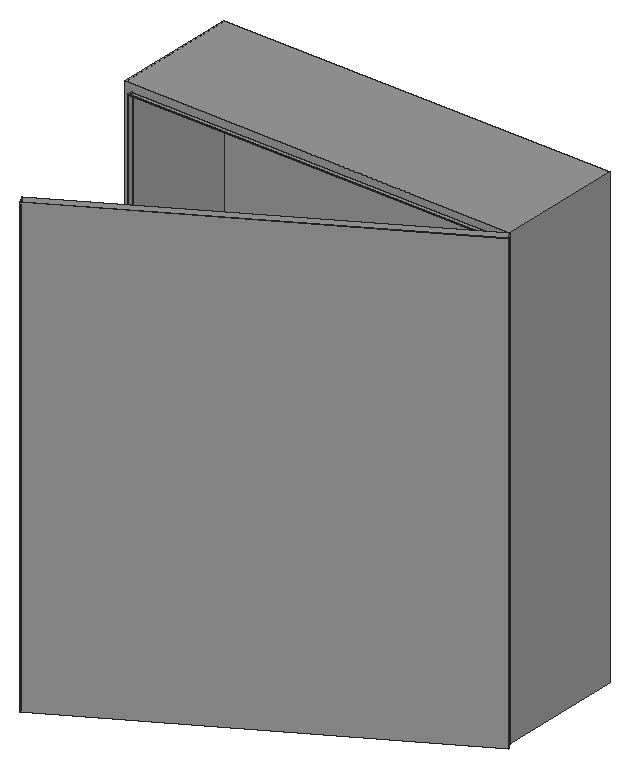
Revit family "Hager-Univers-IP55-D275-H950-Cl.II-Steel_encl-NoHosted-BE-fr", category Electrical Equipment, Revit 2020
Family settings
  Panel Configuration = Two Columns, Circuits Across
  Round Connector Dimension = Use Diameter
  Part Type = Panelboard
  Work Plane-Based = Yes
  Always vertical = Yes
  Cut with Voids When Loaded = No
  Shared = No
  Room Calculation Point = No
Parameters (values of type "saillie IP55 L800 H950 P275  - FR63S")
  Width Control [instance] = if([EF000008 - largeur] > Min Width, [EF000008 - largeur], Min Width)  # 800 mm
  Type Comments = [HG000003 - Gamme]  # "Univers"
  Thickness Door [instance] = if([EF009171 - épaisseur de matériau de la porte/du couvercle] > 3 mm, 3 mm, [EF009171 - épaisseur de matériau de la porte/du couvercle])  # 1.5 mm
  Seal Frame Offset [instance] = 17 mm  # constant formula
  Plinth Visibility [instance] = [HG000027 - Hauteur du socle] > 0 mm  # no
  Min Width [instance] = 100 mm  # constant formula
  Min Depth [instance] = (2 * [EF009170 - épaisseur de matériau du boîtier]) + 1 mm  # 4 mm
  Min Height [instance] = 100 mm  # constant formula
  Internal Frame Depth [instance] = (Door System Depth * 0.5)  # 9 mm
  Panel Name [instance] = ""  # (empty or 0)
  Model = ""
  HG000027 - Hauteur du socle = 0 mm
  HG000026 - Installation au sol = no
  HG000024 - Hauteur de la section basse = 600 mm
  HG000023 - Armoire double section = no
  HG000016 - Visibilité de la porte 3D [instance] = yes
  HG000015 - Visibilité de l'emprise de la porte [instance] = no
  HG000014 - Porte à droite [instance] = yes
  HG000013 - Porte à gauche [instance] = not([HG000014 - Porte à droite])  # no
  HG000012 - Angle de pivotement de la porte [instance] = 30.00°
  HG000010 - Portes asymétriques = no
  HG000009 - Porte à double battant = no
  HG000006 - Encastré = no
  HG000004 - Référence fabricant = "FR63S"
  HG000003 - Gamme = "Univers"
  HG000002 - avec porte = yes
  Frame Offset Bottom [instance] = 10 mm  # constant formula
  Frame Offset [instance] = 15 mm  # constant formula
  EF015940 - couvercle avec décharge de pression = no
  EF011959 - degré de protection (NEMA) = ""
  EF009554 - nombre d'ouvertures pour plaques à bride = 6
  EF009212 - finition du couvercle = "EV000116 - fermé"
  EF009171 - épaisseur de matériau de la porte/du couvercle = 1.5 mm
  EF009170 - épaisseur de matériau du boîtier = 1.5 mm
  EF008873 - courant nominal (In) = 800 A
  EF007800 - adapté à un parafoudre = no
  EF006306 - avec serrure = no
  EF006244 - couvercle/porte transparent(e) = no
  EF005474 - indice de protection (IP) = "EV006420 - IP55"
  EF004464 - type de porte = "EV002646 - unique"
  EF004427 - nombre de modules = 216
  EF004293 - indice de protection contre les chocs (IK) = "EV008784 - IK10"
  EF003532 - convient pour utilisation à l’extérieur = no
  EF002950 - largeur en nombre de modules = 24
  EF001613 - maintien de fonction = "EV000494 - sans"
  EF001596 - matériau du boîtier/corps = "EV000179 - acier"
  EF001131 - profondeur intérieure = 275 mm
  EF001088 - possibilité de montage en saillie = yes
  EF000437 - nombre d'entrées de conduit = 6
  EF000339 - type de capot = "EV004216 - porte"
  EF000266 - nombre de rangées = 6
  EF000218 - profondeur d'encastrement = 0 mm
  EF000118 - avec cadre/support de montage = no
  EF000116 - numéro RAL = "7035"
  EF000049 - profondeur = 275 mm
  EF000040 - hauteur = 950 mm
  EF000008 - largeur = 800 mm
  EF000007 - couleur = "EV000270 - gris"
  EF000003 - mode de pose = "EV000384 - saillie"
  Door System Leaf Tolerance [instance] = 1.5 mm  # constant formula
  Door System Depth [instance] = 18 mm  # constant formula
  Door Height [instance] = Height Control - [HG000027 - Hauteur du socle]  # 950 mm
  Description = ""
  Default Elevation = 1219.2 mm
  Connector Offset [instance] = Height Control / 2  # 475 mm
  Manufacturer = "Hager"  # constant formula
  Height Control [instance] = if([EF000040 - hauteur] > Min Height, [EF000040 - hauteur], Min Height)  # 950 mm
  Depth Control [instance] = if([EF000049 - profondeur] > Min Depth, [EF000049 - profondeur], Min Depth)  # 275 mm
  Bottom Top Plate Trim [instance] = 1.5 mm  # constant formula
  Plinth height Ctrl [instance] = if([HG000027 - Hauteur du socle] > 0 mm, [HG000027 - Hauteur du socle], 12 mm)  # 12 mm
Types (5, lengths in mm): name | Width Control | HG000010 - Portes asymétriques | HG000009 - Porte à double battant | HG000004 - Référence fabricant | EF009554 - nombre d'ouvertures pour plaques à bride | EF004464 - type de porte | EF004427 - nombre de modules | EF000437 - nombre d'entrées de conduit | EF000008 - largeur
  saillie IP55 L1050 H950 P275  - FR64S | 1050 | no | yes | "FR64S" | 8 | "EV003602 - double" | 288 | 8 | 1050
  saillie IP55 L1300 H950 P275  - FR65S | 1300 | yes | yes | "FR65S" | 10 | "EV003602 - double" | 360 | 10 | 1300
  saillie IP55 L300 H950 P275  - FR61S | 300 | no | no | "FR61S" | 2 | "EV002646 - unique" | 72 | 2 | 300
  saillie IP55 L550 H950 P275  - FR62S | 550 | no | no | "FR62S" | 4 | "EV002646 - unique" | 144 | 4 | 550
  saillie IP55 L800 H950 P275  - FR63S | 800 | no | no | "FR63S" | 6 | "EV002646 - unique" | 216 | 6 | 800
Reference planes
  plane 1 "Center (Front/Back)": y = 0
  plane 2: z = 0
  plane 3 "Center (Left/Right)": x = 0
  plane 4: y = 0
  plane 5: y = 0
  plane 6: z = 0
  plane 7: x = -400
  plane 8: x = 400
  plane 9: x = 398.5
  plane 10: x = -398.5
  plane 11: z = 0
  plane 12: z = 1.5
  plane 13: y = -275
  plane 14: y = -1.5
  plane 15: x = 0
  plane 16: y = -257
  plane 17: y = -273.5
  plane 18: y = -255.5
  plane 19: x = -383.5
  plane 20: x = 383.5
  plane 21: z = 11.5
  plane 22: x = -383
  plane 23: x = 383
  plane 24: z = 0
  plane 25: z = 950
  plane 26: z = 950
  plane 27: z = 933.5
  plane 28: z = 948.5
Forms (mm)
  Extrusion 1, solid, material "Hager_Steel_RAL7035_Light_Grey", detail levels medium+fine
    sketch origin (-208.679, -4572, 0) x (-1, 0, 0) y (0, -1, 0)
      loop
        line (191.321, -4315) -> (-608.679, -4315) -> (-608.679, -4572) -> (191.321, -4572) -> (191.321, -4315)
    from 0 to 950
  Extrusion 2, void
    sketch origin (-350.771, -275, 1219.2) x (1, 0, 0) y (0, 0, 1)
      loop
        line (-47.729, -270.7) -> (-47.729, -1217.7) -> (749.271, -1217.7) -> (749.271, -270.7) -> (-47.729, -270.7)
    from -19.5 to -273.5
  Extrusion 3, void
    sketch origin (-290.084, -257, 1219.2) x (1, 0, 0) y (0, 0, 1)
      loop
        line (-93.416, -1207.7) -> (673.584, -1207.7) -> (673.584, -285.7) -> (-93.416, -285.7) -> (-93.416, -1207.7)
    from 0 to -1.5
  Extrusion 4, solid, material "Hager_Steel_RAL7035_Light_Grey", visible <- "Plinth Visibility", detail levels medium+fine
    sketch origin (0, 0, 0) x (1, 0, 0) y (0, 1, 0)
      loop
        line (-400, 0) -> (-400, -257) -> (400, -257) -> (400, 0) -> (-400, 0)
    from 0 to 12 <- "Plinth height Ctrl"
  Extrusion 5, solid, material "Hager_Steel_RAL7035_Light_Grey", detail levels coarse
    sketch origin (0, 0, 0) x (1, 0, 0) y (0, 1, 0)
      loop
        line (-400, 0) -> (-400, -275) -> (400, -275) -> (400, 0) -> (-400, 0)
    from 0 to 950 <- "Height Control"
  Sweep 6, void
    path in 3D
      loop
        line (-400, -257, 12) -> (400, -257, 12) -> (400, 0, 12) -> (-400, 0, 12) -> (-400, -257, 12)
    profile origin (-400, -128.5, 12) x (1, 0, 0) y (0, 0, 1)
      loop
        line (0, 0) -> (0, -1.5) -> (1.5, -1.5)
        arc (1.5, -1.5) -> (1.061, -0.439) -> (0, 0) r 1.5
  Extrusion 7, solid, material "Hager_Steel_RAL7035_Light_Grey", detail levels fine
    sketch origin (-400, -257, 0) x (1, 0, 0) y (0, 0, 1)
      loop
        line (16.5, 11.5) -> (783.5, 11.5) -> (783.5, 933.5) -> (16.5, 933.5) -> (16.5, 11.5)
      loop
        line (15, 10) -> (785, 10) -> (785, 935) -> (15, 935) -> (15, 10)
    from 0 to 9 <- "Internal Frame Depth"
Cuts and joins
  Extrusion 2, Extrusion 3 cuts Extrusion 1
  Sweep 6 cuts Extrusion 4
Lines and regions (mm)
  Masking region 1
    outline origin (0, 0, 0) x (1, 0, 0) y (0, 1, 0)
      loop
        line (-400, 0) -> (-400, -275) -> (400, -275) -> (400, 0) -> (-400, 0)
  Masking region 2, detail levels coarse
    outline origin (-290.084, -257, 1219.2) x (-1, 0, 0) y (0, 0, 1)
      loop
        line (-690.084, -1219.2) -> (109.916, -1219.2) -> (109.916, -269.2) -> (-690.084, -269.2) -> (-690.084, -1219.2)
  Masking region 3, detail levels coarse
    outline origin (0, 0, 0) x (0, 1, 0) y (0, 0, 1)
      loop
        line (0, 0) -> (0, 950) -> (-275, 950) -> (-275, 0) -> (0, 0)
  Masking region 4, visible <- "Plinth Visibility", detail levels medium+fine
    outline origin (0, 0, 0) x (0, 1, 0) y (0, 0, 1)
      loop
        line (-1.5, 12) -> (-255.5, 12)
        arc (-255.5, 12) -> (-255.939, 10.939) -> (-257, 10.5) r 1.5
        line (-257, 10.5) -> (-257, 0) -> (0, 0) -> (0, 10.5)
        arc (0, 10.5) -> (-1.061, 10.939) -> (-1.5, 12) r 1.5
  Masking region 5, detail levels medium+fine
    outline origin (0, 0, 594.038) x (0, 1, 0) y (0, 0, 1)
      loop
        line (0, -594.038) -> (0, 355.962) -> (-257, 355.962) -> (-257, -594.038) -> (0, -594.038)
  Masking region 6, detail levels medium+fine
    outline origin (-359.7, -257, 1211.883) x (-1, 0, 0) y (0, 0, 1)
      loop
        line (-759.7, -1211.883) -> (40.3, -1211.883) -> (40.3, -261.883) -> (-759.7, -261.883) -> (-759.7, -1211.883)
  Masking region 7, visible <- "Plinth Visibility", detail levels medium+fine
    outline origin (-320.334, -257, 1041.368) x (-1, 0, 0) y (0, 0, 1)
      loop
        line (-720.334, -1041.368) -> (79.666, -1041.368) -> (79.666, -1030.868)
        arc (79.666, -1030.868) -> (78.606, -1030.429) -> (78.166, -1029.368) r 1.5
        line (78.166, -1029.368) -> (-718.834, -1029.368)
        arc (-718.834, -1029.368) -> (-719.273, -1030.429) -> (-720.334, -1030.868) r 1.5
        line (-720.334, -1030.868) -> (-720.334, -1041.368)
  sketch lines
    curve 1: line (-400, 0, 12) -> (-400, -257, 12)
    curve 2: line (-400, -257, 12) -> (400, -257, 12)
    curve 3: line (400, 0, 12) -> (-400, 0, 12)
    curve 4: line (400, -257, 12) -> (400, 0, 12)
Dimensions and locks
  locked: plane 1 "Center (Front/Back)" to plane 5
  "EF009170 - épaisseur de matériau du boîtier": plane 7 to plane 10
  "EF009170 - épaisseur de matériau du boîtier": plane 8 to plane 9
  equal spacing: plane 7, plane 3 "Center (Left/Right)", plane 8
  "Width Control": plane 7 to plane 8
  "Depth Control": plane 4 to plane 13
  "EF009170 - épaisseur de matériau du boîtier": plane 4 to plane 14
  "Height Control": plane 25 to level
  "HG000027 - Hauteur du socle": plane 11 to level
  "EF009170 - épaisseur de matériau du boîtier": plane 12 to plane 11
  "EF009170 - épaisseur de matériau du boîtier": plane 17 to plane 13
  "EF009170 - épaisseur de matériau du boîtier": plane 18 to plane 16
  "Frame Offset Bottom": plane 21 to plane 12
  "Frame Offset": plane 10 to plane 19
  "Frame Offset": plane 9 to plane 20
  "Door System Depth": plane 16 to plane 13
  "Seal Frame Offset": plane 7 to plane 22
  "Seal Frame Offset": plane 8 to plane 23
  "EF009170 - épaisseur de matériau du boîtier": plane 26 to plane 28
  "Frame Offset": plane 28 to plane 27
  "Connector Offset": plane 2 to connector elem
  "Bottom Top Plate Trim": profile plane to Sweep 6 sketch curve
  "Bottom Top Plate Trim": Sweep 6 sketch curve to Sweep 6 sketch curve
  "Plinth height Ctrl": Masking region 4 sketch curve to level
  "Plinth height Ctrl": Masking region 7 sketch curve to level
  "Thickness Door": Extrusion 7 sketch curve to Extrusion 7 sketch curve  (x4)
  "Bottom Top Plate Trim": radius of Sweep 6 sketch curve
  "Bottom Top Plate Trim": radius of Masking region 4 sketch curve  (x2)
  "Bottom Top Plate Trim": radius of Masking region 7 sketch curve  (x2)
  aligned and locked: Extrusion 2 sketch curve to plane 12
  aligned and locked: Extrusion 2 sketch curve to plane 9
  aligned and locked: Extrusion 2 sketch curve to plane 10
  aligned and locked: Extrusion 2 to plane 14
  aligned and locked: Extrusion 1 sketch curve to plane 4
  aligned and locked: plane 8 to Extrusion 1 sketch curve
  aligned and locked: plane 7 to Extrusion 1 sketch curve
  aligned and locked: Extrusion 2 to plane 18
  aligned and locked: Extrusion 3 sketch curve to plane 19
  aligned and locked: plane 20 to Extrusion 3 sketch curve
  aligned and locked: Extrusion 3 to Extrusion 2
  aligned and locked: Extrusion 3 sketch curve to plane 21
  aligned and locked: plane 3 "Center (Left/Right)" to nested 1
  aligned and locked: Extrusion 1 sketch curve to plane 16
  aligned and locked: Extrusion 4 sketch curve to cut or joined group of Extrusion 1, Extrusion 2, Extrusion 3
  aligned and locked: Masking region 1 sketch curve to plane 7
  aligned and locked: Masking region 1 sketch curve to plane 5
  aligned and locked: Masking region 1 sketch curve to plane 8
  aligned and locked: Masking region 2 sketch curve to level
  aligned and locked: level to Masking region 3 sketch curve
  aligned and locked: plane 1 "Center (Front/Back)" to Masking region 3 sketch curve
  aligned and locked: plane 13 to Masking region 3 sketch curve
  aligned and locked: plane 5 to Masking region 4 sketch curve
  aligned and locked: Masking region 2 sketch curve to plane 8
  aligned and locked: Masking region 2 sketch curve to plane 7
  aligned and locked: plane 7 to nested 2
  aligned and locked: nested 2 to plane 5
  aligned and locked: plane 5 to Masking region 5 sketch curve
  aligned and locked: plane 26 to Masking region 5 sketch curve
  aligned and locked: Extrusion 5 sketch curve to plane 8
  aligned and locked: Extrusion 5 sketch curve to plane 7
  aligned and locked: Extrusion 5 sketch curve to plane 5
  aligned and locked: Extrusion 3 sketch curve to plane 27
  aligned and locked: Extrusion 2 sketch curve to plane 28
  aligned and locked: Masking region 2 to plane 25
  aligned and locked: Extrusion 4 to plane 16
  aligned and locked: profile plane to Sweep 6 sketch curve
  aligned and locked: Masking region 5 sketch curve to plane 24
  aligned and locked: level to Masking region 4 sketch curve
  aligned and locked: Masking region 1 to plane 13
  aligned and locked: nested 1 to plane 16
  aligned and locked: Masking region 3 to plane 25
  aligned and locked: plane 16 to Masking region 4 sketch curve
  aligned and locked: Masking region 5 sketch curve to plane 16
  aligned and locked: plane 24 to plane 11
  aligned and locked: plane 26 to plane 25
  aligned and locked: plane 26 to cut or joined group of Extrusion 1, Extrusion 2, Extrusion 3
  aligned and locked: nested 1 to plane 24
  aligned and locked: Extrusion 1 to Extrusion 3
  aligned and locked: Masking region 6 sketch curve to plane 8
  aligned and locked: Masking region 6 sketch curve to plane 24
  aligned and locked: Masking region 6 sketch curve to plane 7
  aligned and locked: Masking region 6 sketch curve to plane 26
  aligned and locked: Masking region 7 sketch curve to plane 7
  aligned and locked: level to Masking region 7 sketch curve
  aligned and locked: Masking region 7 sketch curve to plane 8
  aligned and locked: Extrusion 7 sketch curve to cut or joined group of Extrusion 1, Extrusion 2, Extrusion 3  (x4)
Automatic sketch dimensions
  plane 19 to Extrusion 3 sketch curve = 0 mm
  Extrusion 3 sketch curve to plane 20 = 0 mm
  Extrusion 3 sketch curve to plane 21 = 0 mm
  Extrusion 4 sketch curve to plane 7 = 0 mm
  Extrusion 4 sketch curve to plane 8 = 0 mm
  Extrusion 4 sketch curve to plane 16 = 0 mm
  Masking region 1 sketch curve to plane 13 = 0 mm
  Masking region 2 sketch curve to plane 25 = 0 mm
  Masking region 3 sketch curve to plane 25 = 0 mm
  Extrusion 5 sketch curve to plane 13 = 0 mm
  profile plane to Sweep 6 sketch curve = 0 mm
Nested families
  nested 1: "EC000058_Univers_Door" at (0, -257, 0), Double <- "HG000009 - Porte à double battant", Transparent <- "EF006244 - couvercle/porte transparent(e)", Angle <- "HG000012 - Angle de pivotement de la porte", Door_Right <- "HG000014 - Porte à droite", Assymetrical <- "HG000010 - Portes asymétriques", Door <- "HG000002 - avec porte", Width_Ctrl <- "Width Control", 3d_Door <- "HG000016 - Visibilité de la porte 3D", Clearance <- "HG000015 - Visibilité de l'emprise de la porte", Door_Left <- "HG000013 - Porte à gauche", Width <- "Width Control", Door_Depth <- "Door System Depth", Leaf_Tolerance <- "Door System Leaf Tolerance", Height <- "Door Height", Lock_Visibility <- "EF006306 - avec serrure", Thickness <- "Thickness Door", type "EC000058_Univers_Door", detail levels medium+fine
    with min_wh 4 mm, Width_Ctrl 800 mm, Width 800 mm, Transparent no, Thickness 1.5 mm, Seal_Material Hager_Rubber, Lock_Visibility no, Lock_Material Hager_Plastic_RAL9005_Jet_Black, Leaf_Width 800 mm, Leaf_Tolerance_External_Sides 0 mm, Leaf_Tolerance 1.5 mm, Leaf_Offset 0 mm, Leaf_Height 947 mm, Leaf_2_Width 800 mm, Leaf_2_Offset 400 mm, Leaf_1_Width 800 mm, Leaf_1_Offset 400 mm, Height_Ctrl 950 mm, Height 950 mm, Glass_Material Hager_Glass, Double_Clearance_Ctrl no, Double no, Door_Right_Ctrl yes, Door_Right yes, Door_Material Hager_Steel_RAL7035_Light_Grey, Door_Left_Ctrl no, Door_Left no, Door_Depth 18 mm, Door yes, Clearance_Material Hager_Clearance, Clearance_Depth 800 mm, Clearance_Ctrl no, Clearance no, Assymetrical no, Angle 30.00°, 3d_Door yes
  nested 2: "Hager_Enclosure_Symbol" at (-400, 0, 0), Height <- "Depth Control", Width <- "Width Control", type "Hager_Enclosure_Symbol"
    with Width_Ctrl 800 mm, Width 800 mm, Height_Ctrl 275 mm, Height 275 mm, A_Width_Int 18.047 mm, A_Width 216.562 mm, A_Height_Ctrl 240.625 mm, A_Height 240.625 mm
Connectors
  electrical at (0, 0, 475)
    settings: on plane 1 "Center (Front/Back)", index 1, voltage 0 V, apparent load 0 VA, apparent load phase1 0 VA, apparent load phase2 0 VA, apparent load phase3 0 VA, power factor 1, load classification "Other", number of poles 1, system type 30, power factor state 1, is connector primary yes, connector utility no, sub classification motor no, connector description ""
Definition of nested family "EC000058_Univers_Door"
  Parameters (values of type "EC000058_Univers_Door")
    min_wh [instance] = (2 * Thickness) + 1 mm  # 11 mm
    Width_Ctrl [instance] = 400 mm
    Width [instance] = 500 mm
    Transparent [instance] = yes
    Thickness [instance] = 5 mm
    Seal_Material [instance] = none
    Lock_Visibility [instance] = yes
    Lock_Material [instance] = none
    Leaf_Width [instance] = if((Width_Ctrl - 2 * Leaf_Tolerance_External_Sides) > 0 mm, (Width_Ctrl - 2 * Leaf_Tolerance_External_Sides), min_wh)  # 400 mm
    Leaf_Tolerance_External_Sides [instance] = 0 mm  # constant formula
    Leaf_Tolerance [instance] = 1.5 mm
    Leaf_Offset [instance] = 0 mm  # constant formula
    Leaf_Height [instance] = if((Height_Ctrl - 2 * Leaf_Tolerance) > 0 mm, (Height_Ctrl - 2 * Leaf_Tolerance), min_wh)  # 497 mm
    Leaf_2_Width [instance] = if(and(and(Double, Assymetrical), Door_Left), (Leaf_Width / 3) - (Leaf_Tolerance / 2), if(and(and(Double, Assymetrical), Door_Right), (Leaf_Width / 3) * 2 - (Leaf_Tolerance / 2), if(and(Double, not(Assymetrical)), (Leaf_Width / 2) - Leaf_Tolerance, Leaf_Width)))  # 400 mm
    Leaf_2_Offset [instance] = if(and(Double, Assymetrical), Leaf_2_Width / 2, if(and(Double, not(Assymetrical)), Leaf_Width / 4, Leaf_Width / 2))  # 200 mm
    Leaf_1_Width [instance] = if(and(and(Double, Assymetrical), Door_Right), (Leaf_Width / 3) - (Leaf_Tolerance / 2), if(and(and(Double, Assymetrical), Door_Left), (Width / 3) * 2 - (Leaf_Tolerance / 2), if(and(Double, not(Assymetrical)), (Leaf_Width / 2) - Leaf_Tolerance, Leaf_Width)))  # 400 mm
    Leaf_1_Offset [instance] = if(and(Double, Assymetrical), Leaf_1_Width / 2, if(and(Double, not(Assymetrical)), Leaf_Width / 4, Leaf_Width / 2))  # 200 mm
    Height_Ctrl [instance] = if(Height > min_wh, Height, min_wh)  # 500 mm
    Height [instance] = 500 mm
    Glass_Material [instance] = none
    Double_Clearance_Ctrl [instance] = and(Double, Clearance)  # no
    Double [instance] = no
    Door_Right_Ctrl [instance] = and(or(Door_Right, Double), Door)  # yes
    Door_Right [instance] = yes
    Door_Material [instance] = none
    Door_Left_Ctrl [instance] = and(or(Door_Left, Double), Door)  # no
    Door_Left [instance] = no
    Door_Depth [instance] = 30 mm
    Door [instance] = yes
    Default Elevation = 1219.2 mm
    Clearance_Material [instance] = none
    Clearance_Depth [instance] = if(Leaf_1_Width > Leaf_2_Width, Leaf_1_Width, Leaf_2_Width)  # 400 mm
    Clearance_Ctrl [instance] = and(not(Double), Clearance)  # yes
    Clearance [instance] = yes
    Assymetrical [instance] = yes
    Angle [instance] = 30.00°
    3d_Door [instance] = yes
  Reference planes
    plane 1 "Center (Front/Back)": y = 0
    plane 2 "Bottom": z = 0
    plane 3 "Center (Left/Right)": x = 0
    plane 4: z = 500
    plane 5: x = -200
    plane 6: x = 200
    plane 7: z = 500
    plane 8: x = -200
    plane 9: z = 0
    plane 10: x = 200
    plane 11: y = 0
    plane 12: z = 1.5
    plane 13: x = -600
    plane 14: y = -400
    plane 15: x = 600
    plane 16: x = 0
    plane 17: x = 0
    plane 18: x = -200
    plane 19: x = 200
    plane 20: z = 498.5
  Forms (mm)
    Extrusion 1, solid, material <- "Clearance_Material", visible <- "Double_Clearance_Ctrl"
      sketch origin (1200, 0, 0) x (1, 0, 0) y (0, 0, -1)
        loop
          line (-1800, -498.5) -> (-600, -498.5) -> (-600, 0) -> (-1800, 0) -> (-1800, -498.5)
      from 0 to -400
  Dimensions and locks
    equal spacing: plane 5, plane 3 "Center (Left/Right)", plane 6
    "Width_Ctrl": plane 5 to plane 6
    "Leaf_Offset": plane 5 to plane 8
    "Leaf_Offset": plane 6 to plane 10
    "Leaf_Offset": plane 9 to level
    "Leaf_Offset": plane 4 to plane 7
    "Height_Ctrl": plane 4 to level
    "Leaf_Tolerance": plane 12 to plane 9
    locked: plane 11 to plane 1 "Center (Front/Back)"
    "Leaf_1_Offset": plane 18 to plane 16
    "Leaf_2_Offset": plane 17 to plane 19
    "Leaf_1_Width": plane 13 to plane 8
    "Leaf_2_Width": plane 10 to plane 15
    "Clearance_Depth": plane 14 to plane 1 "Center (Front/Back)"
    "Leaf_Tolerance_External_Sides": plane 8 to plane 18
    "Leaf_Tolerance_External_Sides": plane 19 to plane 10
    "Leaf_Tolerance": plane 7 to plane 20
    aligned and locked: level to plane 2 "Bottom"
    aligned and locked: nested 1 to plane 16
    aligned and locked: nested 2 to plane 17
    aligned and locked: Extrusion 1 to plane 13
    aligned and locked: plane 15 to Extrusion 1
    aligned and locked: Extrusion 1 to plane 14
    aligned and locked: plane 12 to nested 1
    aligned and locked: nested 2 to plane 12
    aligned and locked: Extrusion 1 to plane 11
    aligned and locked: plane 20 to Extrusion 1
    aligned and locked: nested 2 to plane 11
    aligned and locked: nested 1 to plane 11
  Automatic sketch dimensions
    Extrusion 1 sketch curve to level = 0 mm
    plane 5 to Extrusion 1 sketch curve = 400 mm
    plane 6 to Extrusion 1 sketch curve = 400 mm
    Extrusion 1 sketch curve to plane 4 = 1.5 mm
  Nested families
    nested 1: "EC000058_Univers_Door_Leaf" at (0, 0, 1.5), Width <- "Leaf_1_Width", visible <- "Door_Left_Ctrl", Leaf_Height <- "Leaf_Height", Angle <- "Angle", 3d_Door <- "3d_Door", Transparent <- "Transparent", Clearance Material <- "Clearance_Material", Clearance <- "Clearance_Ctrl", Door_Material <- "Door_Material", Glass_Material <- "Glass_Material", Door_Depth <- "Door_Depth", Lock_Material <- "Lock_Material", Seal_Material <- "Seal_Material", Lock_Visibility <- "Lock_Visibility", Thickness <- "Thickness", type "EC000058_Univers_Door_Leaf"
      with Width 400 mm, Transparent_Glass_Offset 30 mm, Transparent_Ctrl yes, Transparent yes, Thickness 5 mm, Standard no, Seal_Material none, Seal_D2 8 mm, Seal_D1 1 mm, Offset_Internal_Frame 10 mm, Lock_Width 20 mm, Lock_Visibility_3d yes, Lock_Visibility yes, Lock_Thickness_3 3 mm, Lock_Thickness_2 1 mm, Lock_Thickness_1 3 mm, Lock_Radius_Offset_2 16 mm, Lock_Radius_Offset_1 15 mm, Lock_Radius_2 5 mm, Lock_Radius 6 mm, Lock_Offset 5 mm, Lock_Material none, Lock_Height 80 mm, Lock_Cover_Top_Offset_2d 17 mm, Lock_Cover_Height -65 mm, Leaf_Height 497 mm, Internal_Seal_Thickness 8 mm, Internal_Seal_Depth_2 4.5 mm, Internal_Frame_Depth 25 mm, Glass_Thickness -1 mm, Glass_Offset -2 mm, Glass_Material none, Door_Material none, Door_Depth 30 mm, Clearance Material none, Clearance yes, Angle_Ctrl 30.00°, Angle 30.00°, 3d_Door yes
    nested 2: "EC000058_Univers_Door_Leaf" at (0, 0, 1.5) x (-1, 0, 0) z (0, 0, 1), Width <- "Leaf_2_Width", visible <- "Door_Right_Ctrl", Leaf_Height <- "Leaf_Height", Angle <- "Angle", 3d_Door <- "3d_Door", Transparent <- "Transparent", Clearance Material <- "Clearance_Material", Clearance <- "Clearance_Ctrl", Door_Material <- "Door_Material", Glass_Material <- "Glass_Material", Door_Depth <- "Door_Depth", Lock_Material <- "Lock_Material", Seal_Material <- "Seal_Material", Lock_Visibility <- "Lock_Visibility", Thickness <- "Thickness", type "EC000058_Univers_Door_Leaf"
      with Width 400 mm, Transparent_Glass_Offset 30 mm, Transparent_Ctrl yes, Transparent yes, Thickness 5 mm, Standard no, Seal_Material none, Seal_D2 8 mm, Seal_D1 1 mm, Offset_Internal_Frame 10 mm, Lock_Width 20 mm, Lock_Visibility_3d yes, Lock_Visibility yes, Lock_Thickness_3 3 mm, Lock_Thickness_2 1 mm, Lock_Thickness_1 3 mm, Lock_Radius_Offset_2 16 mm, Lock_Radius_Offset_1 15 mm, Lock_Radius_2 5 mm, Lock_Radius 6 mm, Lock_Offset 5 mm, Lock_Material none, Lock_Height 80 mm, Lock_Cover_Top_Offset_2d 17 mm, Lock_Cover_Height -65 mm, Leaf_Height 497 mm, Internal_Seal_Thickness 8 mm, Internal_Seal_Depth_2 4.5 mm, Internal_Frame_Depth 25 mm, Glass_Thickness -1 mm, Glass_Offset -2 mm, Glass_Material none, Door_Material none, Door_Depth 30 mm, Clearance Material none, Clearance yes, Angle_Ctrl 30.00°, Angle 30.00°, 3d_Door yes
  Definition of nested family "EC000058_Univers_Door_Leaf"
    Parameters (values of type "EC000058_Univers_Door_Leaf")
      Width [instance] = 2000 mm
      Transparent_Glass_Offset [instance] = 30 mm
      Transparent_Ctrl [instance] = and(Transparent, [3d_Door])  # yes
      Transparent [instance] = yes
      Thickness [instance] = 5 mm
      Standard [instance] = and(not(Transparent), [3d_Door])  # no
      Seal_Material [instance] = none
      Seal_D2 [instance] = 8 mm  # constant formula
      Seal_D1 [instance] = 1 mm  # constant formula
      Offset_Internal_Frame [instance] = 10 mm  # constant formula
      Lock_Width [instance] = 20 mm  # constant formula
      Lock_Visibility_3d [instance] = and(Lock_Visibility, [3d_Door])  # yes
      Lock_Visibility [instance] = yes
      Lock_Thickness_3 [instance] = 3 mm  # constant formula
      Lock_Thickness_2 [instance] = 1 mm  # constant formula
      Lock_Thickness_1 [instance] = 3 mm  # constant formula
      Lock_Radius_Offset_2 [instance] = Lock_Radius_Offset_1 + 1 mm  # 16 mm
      Lock_Radius_Offset_1 [instance] = 15 mm  # constant formula
      Lock_Radius_2 [instance] = Lock_Radius - 1 mm  # 5 mm
      Lock_Radius [instance] = 6 mm  # constant formula
      Lock_Offset [instance] = 5 mm  # constant formula
      Lock_Material [instance] = none
      Lock_Height [instance] = 80 mm  # constant formula
      Lock_Cover_Top_Offset_2d [instance] = Lock_Radius_Offset_2 + 1 mm  # 17 mm
      Lock_Cover_Height [instance] = -(Lock_Height - Lock_Radius_Offset_1)  # -65 mm
      Leaf_Height [instance] = 2720.336 mm
      Internal_Seal_Thickness [instance] = 8 mm  # constant formula
      Internal_Seal_Depth_2 [instance] = 4.5 mm  # constant formula
      Internal_Frame_Depth [instance] = if(Door_Depth - Thickness > 5 mm, Door_Depth - Thickness, 5 mm)  # 25 mm
      Glass_Thickness [instance] = if(Thickness > 15 mm, Glass_Offset + 10 mm, -1 mm)  # -1 mm
      Glass_Offset [instance] = if(Thickness > 15 mm, -(Thickness + 10 mm) / 2, -2 mm)  # -2 mm
      Glass_Material [instance] = none
      Door_Material [instance] = none
      Door_Depth [instance] = 30 mm
      Default Elevation = 0 mm
      Clearance Material [instance] = none
      Clearance [instance] = yes
      Angle_Ctrl [instance] = if(Angle > 180.00°, 180.00°, Angle)  # 90.00°
      Angle [instance] = 90.00°
      3d_Door [instance] = yes
    Reference planes
      plane 1 "Center (Front/Back)": y = 0
      plane 2: z = 0
      plane 3 "Center (Left/Right)": x = 0
      plane 4: y = 2000
      plane 5: x = -1000
      plane 6: x = 1000
      plane 7: x = -3000
      plane 8: z = 2720.336
      plane 9: z = 30
      plane 10: z = 2690.336
      plane 11: x = 970
      plane 12: x = -970
      plane 13: y = -3
      plane 14: z = 107.833
      plane 15: y = -5
      plane 16: y = -223.314
      plane 17: x = -1000
      plane 18: z = 1360.168
      plane 19: y = 30
    Forms (mm)
      Extrusion 1, solid, material <- "Clearance Material", visible <- "Clearance"
        sketch origin (0, 0, 0) x (1, 0, 0) y (0, 0, 1)
          loop
            line (-3000, 2720.336) -> (-3000, 0) -> (1000, 0) -> (1000, 2720.336) -> (-3000, 2720.336)
        from 0 to -2000
      Extrusion 2, solid, material <- "Door_Material", visible <- "Standard", detail levels medium+fine
        sketch origin (-1000, 0, 0) x (0, 1, 0) y (-1, 0, 0)
          loop
            line (0, 30) -> (0, 25) -> (2000, 25) -> (2000, 30) -> (0, 30)
        from 0 to 2720.336 <- "Leaf_Height"
      Extrusion 3, solid, material <- "Door_Material", visible <- "Transparent_Ctrl", detail levels medium+fine
        sketch origin (-1000, 0, 0) x (0, 1, 0) y (-1, 0, 0)
          loop
            line (0, 25) -> (2000, 25) -> (2000, 30) -> (0, 30) -> (0, 25)
        from 0 to 2720.336 <- "Leaf_Height"
      Extrusion 4, void
        sketch origin (-1025, 2000, 0) x (0, 1, 0) y (0, 0, -1)
          loop
            line (-30, -2690.336) -> (-30, -30) -> (-1970, -30) -> (-1970, -2690.336) -> (-30, -2690.336)
        from 0 to 5 <- "Thickness"
      Sweep 5, solid, material <- "Seal_Material", visible <- "Transparent_Ctrl", detail levels fine
        path in 3D
          loop
            line (-1025, 30, 30) -> (-1025, 30, 2690.336) -> (-1025, 1970, 2690.336) -> (-1025, 1970, 30) -> (-1025, 30, 30)
        profile origin (-1025, 1000, 30) x (1, 0, 0) y (0, 0, 1)
          loop
            line (0, 0) -> (0, -8) -> (1, -8) -> (1, 0) -> (0, 0)
      Extrusion 6, solid, material <- "Glass_Material", visible <- "Transparent_Ctrl", detail levels medium+fine
        sketch origin (-1030, 0, 0) x (0, 1, 0) y (0, 0, -1)
          loop
            line (1970, -2690.336) -> (1970, -30) -> (30, -30) -> (30, -2690.336) -> (1970, -2690.336)
        from -2 <- "Glass_Offset" to -1 <- "Glass_Thickness"
      Extrusion 7, solid, material <- "Door_Material", visible <- "3d_Door", detail levels medium+fine
        sketch origin (-1025, 2000, 0) x (0, -1, 0) y (0, 0, -1)
          loop
            line (0, -2720.336) -> (2000, -2720.336) -> (2000, 0) -> (0, 0) -> (0, -2720.336)
          loop
            line (1995, -5) -> (5, -5) -> (5, -2715.336) -> (1995, -2715.336) -> (1995, -5)
        from 0 to 25 <- "Internal_Frame_Depth"
      Sweep 8, solid, material <- "Seal_Material", visible <- "Transparent_Ctrl", detail levels fine
        path in 3D
          loop
            line (-1025, 0, 0) -> (-1025, 2000, 0) -> (-1025, 2000, 2720.336) -> (-1025, 0, 2720.336) -> (-1025, 0, 0)
        profile origin (-1025, 0, 1360.168) x (1, 0, 0) y (0, 1, 0)
          loop
            line (0, 10) -> (2.975, 10)
            arc (2.975, 10) -> (4.053, 10.447) -> (4.5, 11.525) r 1.525
            line (4.5, 11.525) -> (4.5, 16.527)
            arc (4.5, 16.527) -> (4.069, 17.569) -> (3.027, 18) r 1.473
            line (3.027, 18) -> (0, 18) -> (0, 10)
      Extrusion 9, solid, material <- "Lock_Material", visible <- "Lock_Visibility_3d", detail levels fine
        sketch origin (-1030, 0, 0) x (0, 1, 0) y (0, 0, -1)
          loop
            arc (1993.5, -1400.168) -> (1994.561, -1399.729) -> (1995, -1398.668) r 1.5
            line (1995, -1398.668) -> (1995, -1320.168) -> (1975, -1320.168) -> (1975, -1398.668)
            arc (1975, -1398.668) -> (1975.439, -1399.729) -> (1976.5, -1400.168) r 1.5
            line (1976.5, -1400.168) -> (1993.5, -1400.168)
        from 3 <- "Lock_Thickness_1" to 0
      Blend 10, solid, material <- "Lock_Material", visible <- "Lock_Visibility_3d", detail levels fine
        base sketch origin (-1033, 0, 0) x (0, 1, 0) y (0, 0, -1)
          loop
            line (1975, -1320.168) -> (1975, -1398.668)
            arc (1975, -1398.668) -> (1975.439, -1399.729) -> (1976.5, -1400.168) r 1.5
            line (1976.5, -1400.168) -> (1993.5, -1400.168)
            arc (1993.5, -1400.168) -> (1994.561, -1399.729) -> (1995, -1398.668) r 1.5
            line (1995, -1398.668) -> (1995, -1320.168) -> (1975, -1320.168)
        top sketch origin (-1033, 0, 0) x (0, 1, 0) y (0, 0, -1)
          loop
            line (1976, -1320.168) -> (1976, -1398.668)
            arc (1976, -1398.668) -> (1976.146, -1399.022) -> (1976.5, -1399.168) r 0.5
            line (1976.5, -1399.168) -> (1993.5, -1399.168)
            arc (1993.5, -1399.168) -> (1993.854, -1399.022) -> (1994, -1398.668) r 0.5
            line (1994, -1398.668) -> (1994, -1320.168) -> (1976, -1320.168)
        from 0 to 1 <- "Lock_Thickness_2"
      Blend 11, solid, material <- "Lock_Material", visible <- "Lock_Visibility_3d", detail levels fine
        base sketch origin (-1034, 0, 0) x (0, 1, 0) y (0, 0, -1)
          loop
            line (1978, -1320.168) -> (1978, -1384.168)
            arc (1978, -1384.168) -> (1985, -1391.168) -> (1992, -1384.168) r 7
            line (1992, -1384.168) -> (1992, -1320.168) -> (1978, -1320.168)
        top sketch origin (-1034, 0, 0) x (0, 1, 0) y (0, 0, -1)
          loop
            line (1991, -1320.168) -> (1979, -1320.168) -> (1979, -1383.168)
            arc (1979, -1383.168) -> (1985, -1389.168) -> (1991, -1383.168) r 6
            line (1991, -1383.168) -> (1991, -1320.168)
        from 0 to 3 <- "Lock_Thickness_3"
      Extrusion 12, solid, material <- "Lock_Material", visible <- "Lock_Visibility_3d", detail levels fine
        sketch origin (-1030, 1975, 1320.168) x (1, 0, 0) y (0, -1, 0)
          loop
            line (-7, -19) -> (-7, -1) -> (0, -1) -> (0, 0) -> (-8, 0) -> (-8, -20) -> (0, -20) -> (0, -19) -> (-7, -19)
        from 0 to -65 <- "Lock_Cover_Height"
      Extrusion 13, void
        sketch origin (-1038, 1995, 1320.168) x (-1, 0, 0) y (0, 0, -1)
          loop
            line (-5, -65) -> (0, -65) -> (-5, -60) -> (-5, -65)
        from 0 to 20 <- "Lock_Width"
      Extrusion 14, void
        sketch origin (-1038, 1975, 1320.168) x (0, -1, 0) y (0, 0, -1)
          loop
            circle (-10, -15.995) r 6
          loop
            circle (-10, -15.995) r 5
        from 0 to 2
      Extrusion 15, solid, material <- "Lock_Material", visible <- "Lock_Visibility_3d", detail levels medium
        sketch origin (-1030, 0, 0) x (0, 1, 0) y (0, 0, -1)
          loop
            arc (1993.5, -1400.168) -> (1994.561, -1399.729) -> (1995, -1398.668) r 1.5
            line (1995, -1398.668) -> (1995, -1320.168) -> (1975, -1320.168) -> (1975, -1398.668)
            arc (1975, -1398.668) -> (1975.439, -1399.729) -> (1976.5, -1400.168) r 1.5
            line (1976.5, -1400.168) -> (1993.5, -1400.168)
        from 8 to 0
    Cuts and joins
      Extrusion 4 cuts Extrusion 3
      Extrusion 13, Extrusion 14 cuts Extrusion 9
      Extrusion 14 cuts Blend 11
      Extrusion 13, Extrusion 14 cuts Extrusion 12
      joined: Extrusion 9, Blend 10, Blend 11, Extrusion 12
      Extrusion 14 cuts Extrusion 15
    Lines and regions (mm)
      Masking region 1, visible <- "Lock_Visibility", detail levels fine
        outline origin (0, 0, 0) x (0, 1, 0) y (0, 0, 1)
          loop
            line (30, 1320.168) -> (33, 1320.168) -> (33, 1400.168) -> (30, 1400.168) -> (30, 1320.168)
      Masking region 2, visible <- "Lock_Visibility", detail levels fine
        outline origin (0, 3.143, 0) x (0, 1, 0) y (0, 0, 1)
          loop
            line (29.857, 1354.168) -> (30.857, 1354.168) -> (30.857, 1366.168) -> (29.857, 1366.168) -> (29.857, 1354.168)
      Masking region 3, detail levels medium+fine
        outline origin (0, 0, 0) x (0, 1, 0) y (0, 0, 1)
          loop
            line (0, 0) -> (30, 0) -> (30, 2720.336) -> (0, 2720.336) -> (0, 0)
      Masking region 4, detail levels medium+fine
        outline origin (0, 0, 0) x (1, 0, 0) y (0, 0, 1)
          loop
            line (-1000, 2720.336) -> (-1000, 0) -> (1000, 0) -> (1000, 2720.336) -> (-1000, 2720.336)
      Masking region 5, visible <- "Lock_Visibility", detail levels fine
        outline origin (-47.116, 0, 0) x (1, 0, 0) y (0, 0, 1)
          loop
            arc (1024.616, 1399.168) -> (1023.556, 1398.729) -> (1023.116, 1397.668) r 1.5
            line (1023.116, 1397.668) -> (1023.116, 1320.168) -> (1041.116, 1320.168) -> (1041.116, 1397.668)
            arc (1041.116, 1397.668) -> (1040.677, 1398.729) -> (1039.616, 1399.168) r 1.5
            line (1039.616, 1399.168) -> (1024.616, 1399.168)
      Masking region 6, visible <- "Lock_Visibility", detail levels medium+fine
        outline origin (-25, 0, 0) x (1, 0, 0) y (0, 0, 1)
          loop
            arc (1001.5, 1400.168) -> (1000.439, 1399.729) -> (1000, 1398.668) r 1.5
            line (1000, 1398.668) -> (1000, 1320.168) -> (1020, 1320.168) -> (1020, 1398.668)
            arc (1020, 1398.668) -> (1019.561, 1399.729) -> (1018.5, 1400.168) r 1.5
            line (1018.5, 1400.168) -> (1001.5, 1400.168)
      Masking region 7, visible <- "Lock_Visibility", detail levels fine
        outline origin (-73.735, 0, 0) x (1, 0, 0) y (0, 0, 1)
          loop
            line (1051.735, 1382.168) -> (1065.735, 1382.168) -> (1065.735, 1384.168)
            arc (1065.735, 1384.168) -> (1058.735, 1391.168) -> (1051.735, 1384.168) r 7
            line (1051.735, 1384.168) -> (1051.735, 1382.168)
      Masking region 8, visible <- "Lock_Visibility", detail levels fine
        outline origin (-73.735, 0, 0) x (1, 0, 0) y (0, 0, 1)
          loop
            line (1052.735, 1382.168) -> (1064.735, 1382.168) -> (1064.735, 1383.168)
            arc (1064.735, 1383.168) -> (1058.735, 1389.168) -> (1052.735, 1383.168) r 6
            line (1052.735, 1383.168) -> (1052.735, 1382.168)
      Masking region 9, visible <- "Lock_Visibility", detail levels fine
        outline origin (-25, 0, 0) x (1, 0, 0) y (0, 0, 1)
          loop
            line (1020, 1320.168) -> (1020, 1382.168) -> (1000, 1382.168) -> (1000, 1320.168) -> (1020, 1320.168)
      Masking region 10, detail levels medium+fine
        outline origin (0, 0, 0) x (1, 0, 0) y (0, 0, 1)
          loop
            circle (985, 1335.144) r 6
      Masking region 11, detail levels fine
        outline origin (0, 0, 0) x (1, 0, 0) y (0, 0, 1)
          loop
            circle (985, 1335.144) r 5
      Masking region 12, visible <- "Lock_Visibility", detail levels fine
        outline origin (0, 12.767, 0) x (0, 1, 0) y (0, 0, 1)
          loop
            line (20.233, 1320.168) -> (21.233, 1320.168) -> (21.233, 1399.168) -> (20.233, 1400.168) -> (20.233, 1320.168)
      Masking region 13, visible <- "Lock_Visibility", detail levels fine
        outline origin (0, 13.767, -10) x (0, 1, 0) y (0, 0, 1)
          loop
            line (20.233, 1330.168) -> (23.233, 1330.168) -> (23.233, 1399.168) -> (20.233, 1402.168) -> (20.233, 1330.168)
      Masking region 14, visible <- "Lock_Visibility", detail levels fine
        outline origin (0, 12.767, -10) x (0, 1, 0) y (0, 0, 1)
          loop
            line (20.233, 1330.168) -> (25.233, 1330.168) -> (25.233, 1399.305) -> (20.233, 1394.305) -> (20.233, 1330.168)
      Masking region 15, visible <- "Lock_Visibility", detail levels medium
        outline origin (0, 0, 0) x (0, 1, 0) y (0, 0, 1)
          loop
            line (30, 1320.168) -> (38, 1320.168) -> (38, 1400.168) -> (30, 1400.168) -> (30, 1320.168)
      Masking region 16, visible <- "Lock_Visibility", detail levels fine
        outline origin (-1000, 0, 0) x (0, 1, 0) y (-1, 0, 0)
          loop
            line (1975, 30) -> (1995, 30) -> (1995, 38) -> (1975, 38) -> (1975, 30)
          loop
            line (1979, 37) -> (1976, 37) -> (1976, 34) -> (1978, 34) -> (1979, 37)
          loop
            line (1994, 37) -> (1991, 37) -> (1992, 34) -> (1994, 34) -> (1994, 37)
      Masking region 17, visible <- "Lock_Visibility", detail levels medium
        outline origin (-1000, 0, 0) x (0, 1, 0) y (-1, 0, 0)
          loop
            line (1975, 30) -> (1995, 30) -> (1995, 38) -> (1975, 38) -> (1975, 30)
      symbolic lines
        curve 1: line (1000, 0, 0) -> (-3000, 0, 0)
        curve 2: arc (1000, 0, 0) -> (-1000, 2000, 0) -> (-3000, 0, 0) r 2000
        curve 4: line (-1030, 0, 0) -> (-1030, 2000, 0)
      reference lines
        curve 3: line (-1000, 0, 0) -> (-1000, 2000, 0)
      symbolic lines, detail levels medium+fine
        curve 5: line (-1030, 2000, 0) -> (-1025, 2000, 0)
        curve 7: line (-1025, 0, 0) -> (-1030, 0, 0)
        curve 8: line (-1025, 0, 0) -> (-1000, 0, 0)
        curve 9: line (-1000, 0, 0) -> (-1000, 2000, 0)
        curve 10: line (-1000, 2000, 0) -> (-1025, 2000, 0)
      symbolic lines, detail levels fine
        curve 6: line (-1025, 2000, 0) -> (-1025, 0, 0)
      sketch lines
        curve 11: line (-1025, 0, 2720.336) -> (-1025, 0, 0)
        curve 12: line (-1025, 2000, 0) -> (-1025, 0, 0)
        curve 13: line (-1025, 2000, 2720.336) -> (-1025, 2000, 0)
        curve 14: line (-1025, 0, 2720.336) -> (-1025, 2000, 2720.336)
        curve 15: line (-1025, 1970, 30) -> (-1025, 30, 30)
        curve 16: line (-1025, 30, 30) -> (-1025, 30, 2690.336)
        curve 17: line (-1025, 1970, 2690.336) -> (-1025, 1970, 30)
        curve 18: line (-1025, 30, 2690.336) -> (-1025, 1970, 2690.336)
      symbolic lines, visible <- "Transparent", detail levels medium+fine
        curve 19: line (-970, 0, 2690.336) -> (970, 0, 2690.336)
        curve 20: line (-970, 0, 30) -> (-970, 0, 2690.336)
        curve 21: line (970, 0, 30) -> (-970, 0, 30)
        curve 22: line (970, 0, 2690.336) -> (970, 0, 30)
    Dimensions and locks
      "Width": plane 1 "Center (Front/Back)" to plane 4
      equal spacing: plane 5, plane 3 "Center (Left/Right)", plane 6
      "Width": plane 5 to plane 6
      "Width": plane 7 to plane 5
      "Leaf_Height": plane 8 to level
      "Width": curve 5 to curve 3
      "Width": curve 3 to curve 3
      plane 8 to plane 10 = 30 mm
      plane 9 to level = 30 mm
      plane 12 to plane 5 = 30 mm
      plane 6 to plane 11 = 30 mm
      Extrusion 1 to Extrusion 4 sketch curve = 30 mm
      "Transparent_Glass_Offset": curve 3 to Extrusion 4 sketch curve
      "Transparent_Glass_Offset": Extrusion 4 sketch curve to cut or joined group of Extrusion 3, Extrusion 4  (x2)
      cut or joined group of Extrusion 3, Extrusion 4 to Extrusion 6 sketch curve = 30 mm
      "Transparent_Glass_Offset": cut or joined group of Extrusion 3, Extrusion 4 to Extrusion 4 sketch curve
      "Thickness": curve 6 to curve 4
      "Thickness": Extrusion 7 sketch curve to Extrusion 7 sketch curve  (x4)
      "Door_Depth": curve 4 to curve 3
      "Offset_Internal_Frame": profile plane to Sweep 8 sketch curve
      "Internal_Seal_Thickness": Sweep 8 sketch curve to Sweep 8 sketch curve
      "Internal_Seal_Depth_2": profile plane to Sweep 8 sketch curve
      "Seal_D1": profile plane to Sweep 5 sketch curve
      "Seal_D2": profile plane to Sweep 5 sketch curve
      "Thickness": Extrusion 2 sketch curve to Extrusion 2 sketch curve
      equal spacing: Extrusion 9 sketch curve, plane 18, Extrusion 9 sketch curve  (x2)
      equal spacing: Masking region 1 sketch curve, plane 18, Masking region 1 sketch curve
      "Lock_Height": Masking region 1 sketch curve to Masking region 1 sketch curve
      "Lock_Radius": Masking region 2 sketch curve to plane 18 to Masking region 2 sketch curve
      Masking region 2 sketch curve to Masking region 1 = 1 mm
      "Door_Depth": plane 19 to plane 1 "Center (Front/Back)"
      "Lock_Thickness_1": Masking region 1 sketch curve to plane 19
      "Lock_Width": Extrusion 9 sketch curve to Extrusion 9 sketch curve
      "Lock_Height": Extrusion 9 sketch curve to Extrusion 9 sketch curve
      "Lock_Offset": cut or joined group of Extrusion 3, Extrusion 4 to Extrusion 9 sketch curve
      equal spacing: plane 8, plane 18, level
      "Lock_Radius_Offset_1": Blend 11 sketch curve to Blend 10
      locked: Blend 10 to Blend 11 sketch curve at 2  (x2)
      locked: var sketch to Blend 11 sketch curve at 1  (x2)
      "Lock_Radius_Offset_2": Blend 11 sketch curve to Blend 10
      locked: Extrusion 12 sketch curve to Extrusion 12 sketch curve at 1  (x3)
      Masking region 6 sketch curve to Masking region 6 sketch curve = 80 mm
      "Lock_Height": Masking region 6 sketch curve to Masking region 6 sketch curve
      "Lock_Width": Masking region 6 sketch curve to Masking region 6 sketch curve
      locked: Masking region 6 to Masking region 5 sketch curve at 1  (x3)
      locked: Masking region 5 to Masking region 7 sketch curve at 2  (x2)
      "Lock_Radius_Offset_1": Masking region 5 to Masking region 7 sketch curve
      "Lock_Radius_Offset_2": Masking region 5 to Masking region 8 sketch curve
      locked: Masking region 7 to Masking region 8 sketch curve at 1  (x2)
      "Lock_Cover_Top_Offset_2d": Masking region 5 to Masking region 9 sketch curve
      equal spacing: Masking region 9, Masking region 10 sketch curve, Masking region 9
      equal spacing: Masking region 9, Masking region 11 sketch curve, Masking region 9
      Extrusion 15 sketch curve to Extrusion 15 sketch curve = 80 mm
      "Lock_Width": Extrusion 15 sketch curve to Extrusion 15 sketch curve
      "Lock_Height": Extrusion 15 sketch curve to Extrusion 15 sketch curve
      equal spacing: Extrusion 15 sketch curve, plane 18, Extrusion 15 sketch curve
      "Lock_Thickness_3": Masking region 13 sketch curve to Masking region 13 sketch curve
      "Lock_Height": Masking region 12 sketch curve to Masking region 12 sketch curve
      locked: Masking region 13 sketch curve to Masking region 1 at 8
      locked: Masking region 14 sketch curve to Masking region 13 at 1
      locked: Masking region 14 sketch curve to Masking region 1 at 10.863
      "Lock_Height": Masking region 15 sketch curve to Masking region 15 sketch curve
      "Lock_Offset": Extrusion 15 sketch curve to cut or joined group of Extrusion 3, Extrusion 4
      "Lock_Offset": plane 6 to Masking region 6 sketch curve
      radius of Sweep 8 sketch curve = 1.525 mm
      radius of Sweep 8 sketch curve = 1.473 mm
      radius of Extrusion 9 sketch curve = 1.5 mm  (x2)
      "Lock_Radius": radius of Extrusion 14 sketch curve
      "Lock_Radius_2": radius of Extrusion 14 sketch curve
      "Lock_Radius": radius of Masking region 10 sketch curve
      "Lock_Radius_2": radius of Masking region 11 sketch curve
      radius of Extrusion 15 sketch curve = 1.5 mm  (x2)
      "Angle_Ctrl": angle plane 1 "Center (Front/Back)" to curve 3
      locked: Masking region 12 sketch curve to Masking region 12 sketch curve (angle 45.00°)
      locked: Masking region 13 sketch curve to Masking region 13 sketch curve (angle 45.00°)
      locked: Masking region 14 sketch curve to Masking region 14 sketch curve (angle 45.00°)
      aligned and locked: level to plane 2
      aligned and locked: Extrusion 1 to curve 1
      aligned and locked: plane 6 to Extrusion 1
      aligned and locked: Extrusion 1 to plane 1 "Center (Front/Back)"
      aligned and locked: plane 4 to Extrusion 1
      aligned and locked: plane 8 to Extrusion 1
      aligned and locked: curve 7 to Extrusion 2 sketch curve
      aligned and locked: curve 5 to Extrusion 2 sketch curve
      aligned and locked: curve 7 to Extrusion 3 sketch curve
      aligned and locked: Extrusion 3 sketch curve to curve 4
      aligned and locked: Extrusion 3 sketch curve to curve 6
      aligned and locked: Extrusion 3 sketch curve to curve 5
      aligned and locked: curve 9 to curve 3
      aligned and locked: Extrusion 7 sketch curve to cut or joined group of Extrusion 3, Extrusion 4  (x4)
      aligned and locked: plane 17 to curve 3
      aligned and locked: plane 1 "Center (Front/Back)" to curve 3
      aligned and locked: plane 17 to plane 5
      aligned and locked: Sweep 8 sketch curve to profile plane
      aligned and locked: Sweep 5 sketch curve to profile plane  (x2)
      aligned and locked: Masking region 1 to Masking region 2 sketch curve
      aligned and locked: plane 19 to Masking region 1 sketch curve
      aligned and locked: plane 1 "Center (Front/Back)" to Masking region 3 sketch curve
      aligned and locked: plane 19 to Masking region 3 sketch curve
      aligned and locked: level to Masking region 3 sketch curve
      aligned and locked: Masking region 3 sketch curve to plane 8
      aligned and locked: plane 17 to Masking region 4 sketch curve
      aligned and locked: level to Masking region 4 sketch curve
      aligned and locked: Masking region 4 sketch curve to plane 8
      aligned and locked: plane 12 to curve 20
      aligned and locked: plane 10 to curve 19
      aligned and locked: plane 11 to curve 22
      aligned and locked: curve 21 to plane 9
      aligned and locked: Extrusion 2 sketch curve to cut or joined group of Extrusion 3, Extrusion 4
      aligned and locked: Blend 10 sketch curve to Extrusion 9  (x4)
      aligned and locked: Extrusion 9 to Blend 10 sketch curve
      aligned and locked: Blend 10 to Blend 11 sketch curve
      aligned and locked: Extrusion 12 sketch curve to Blend 11
      aligned and locked: Extrusion 12 sketch curve to Extrusion 9  (x4)
      aligned and locked: Masking region 5 sketch curve to Masking region 6
      aligned and locked: Masking region 9 sketch curve to Masking region 6  (x3)
      aligned and locked: Masking region 12 sketch curve to Masking region 1
      aligned and locked: Masking region 13 sketch curve to Masking region 1
      aligned and locked: Masking region 12 to Masking region 14
      aligned and locked: Masking region 14 sketch curve to Masking region 1
      aligned and locked: Masking region 15 sketch curve to Masking region 14
      aligned and locked: Masking region 13 sketch curve to Masking region 12
      aligned and locked: Masking region 16 sketch curve to cut or joined group of Extrusion 14, Extrusion 15  (x4)
      aligned and locked: Masking region 16 sketch curve to cut or joined group of Extrusion 9, Blend 10, Blend 11, Extrusion 12, Extrusion 13, Extrusion 14  (x6)
      aligned and locked: cut or joined group of Extrusion 9, Blend 10, Blend 11, Extrusion 12, Extrusion 13, Extrusion 14 to Masking region 16 sketch curve
      aligned and locked: Masking region 17 sketch curve to cut or joined group of Extrusion 14, Extrusion 15  (x3)
      aligned and locked: Masking region 17 sketch curve to cut or joined group of Extrusion 9, Blend 10, Blend 11, Extrusion 12, Extrusion 13, Extrusion 14
      aligned and locked: Masking region 9 to Masking region 8 sketch curve
      aligned and locked: Masking region 9 to Masking region 7 sketch curve
    Automatic sketch dimensions
      plane 1 "Center (Front/Back)" to curve 2 = 0 mm
      curve 2 to plane 5 = 0 mm
      Extrusion 1 sketch curve to level = 0 mm
      Extrusion 1 sketch curve to plane 7 = 0 mm
      Extrusion 1 sketch curve to plane 6 = 0 mm
      Extrusion 1 sketch curve to plane 8 = 0 mm
      Extrusion 3 to Extrusion 6 sketch curve = 30 mm  (x4)
      Masking region 4 sketch curve to plane 6 = 0 mm
      Blend 10 sketch curve to Extrusion 9 = 1.5 mm
      Blend 10 sketch curve to Extrusion 9 = 1 mm
      Extrusion 13 sketch curve to Extrusion 12 = 0 mm  (x2)
      Extrusion 12 to Extrusion 13 sketch curve = 3 mm
      Extrusion 13 sketch curve to Extrusion 12 = 5 mm
      Extrusion 14 sketch curve to Extrusion 14 sketch curve = 0 mm  (x2)
      Extrusion 14 sketch curve to Extrusion 12 = 10 mm
      Extrusion 14 sketch curve to Extrusion 12 = 15.995 mm
      Masking region 5 sketch curve to Masking region 5 sketch curve = 1.5 mm  (x2)
      Masking region 10 sketch curve to plane 18 = 25.024 mm
      Masking region 11 sketch curve to plane 18 = 25.024 mm
      plane 19 to Masking region 14 sketch curve = 3 mm
      Masking region 16 sketch curve to Masking region 16 sketch curve = 3 mm
      curve 4 to curve 3 = 0 mm
      Blend 10 to Blend 11 sketch curve = 0 mm
      Masking region 6 sketch curve to Masking region 6 sketch curve = 1.5 mm  (x2)
      Masking region 6 sketch curve to plane 18 = 40 mm
      plane 19 to Masking region 12 sketch curve = 3 mm
      Masking region 12 sketch curve to Masking region 12 sketch curve = 1 mm
      Masking region 15 sketch curve to plane 19 = 0 mm
      Masking region 15 sketch curve to plane 18 = 40 mm
      radius of Blend 10 sketch curve to Extrusion 9 = 1 mm
Definition of nested family "Hager_Enclosure_Symbol"
  Parameters (values of type "Hager_Enclosure_Symbol")
    Width_Ctrl [instance] = if(Width > 1 mm, Width, 1 mm)  # 102.27 mm
    Width [instance] = 102.27 mm
    Height_Ctrl [instance] = if(Height > 1 mm, Height, 1 mm)  # 66.5 mm
    A_Width_Int [instance] = if(A_Width / 12 > 2 mm, A_Width / 12, 2 mm)  # 4.364 mm
    A_Width [instance] = if(A_Height_Ctrl * 0.9 > 2 mm, A_Height_Ctrl * 0.9, 2 mm)  # 52.369 mm
    A_Height_Ctrl [instance] = if(A_Height > 2 mm, A_Height, 2 mm)  # 58.188 mm
    Height [instance] = 66.5 mm
    A_Height [instance] = Height - (Height / 8)  # 58.188 mm
  Reference planes
    plane 1 "Centre (avant/arrière)": y = 0
    plane 2: z = 0
    plane 3 "Centre (gauche/droite)": x = 0
    plane 4: x = 52.369
    plane 5: y = 33.042
    plane 6: y = 41.77
    plane 7: y = 66.5
    plane 8: x = 26.184
    plane 9: y = 37.406
    plane 10: x = 102.27
    plane 11: y = 66.5
    plane 12: y = 8.313
  Lines and regions (mm)
    Filled region 1, type "Solid_Black", in view "Niveau de réf."
      outline origin (0, 0, 0) x (1, 0, 0) y (0, 1, 0)
        loop
          line (52.369, 66.5) -> (33.188, 54.536) -> (45.365, 45.006) -> (52.369, 66.5)
    Filled region 2, type "Solid_Black", in view "Niveau de réf."
      outline origin (0, 0, 0) x (1, 0, 0) y (0, 1, 0)
        loop
          line (0, 0) -> (102.27, 0) -> (102.27, 66.5) -> (0, 0)
    detail lines, in view "Niveau de réf."
      curve 1: line (0, 8.313, 0) -> (26.184, 41.77, 0)
      curve 2: line (26.184, 41.77, 0) -> (26.184, 33.042, 0)
      curve 3: line (26.184, 33.042, 0) -> (52.369, 66.5, 0)
  Dimensions and locks
    "A_Width": plane 3 "Centre (gauche/droite)" to plane 4
    equal spacing: plane 3 "Centre (gauche/droite)", plane 8, plane 4
    equal spacing: plane 6, plane 9, plane 5
    equal spacing: curve 3, Filled region 1 sketch curve, Filled region 1 sketch curve
    "Height_Ctrl": plane 1 "Centre (avant/arrière)" to plane 11
    "A_Height_Ctrl": plane 11 to plane 12
    equal spacing: plane 11, plane 9, plane 12
    "A_Width_Int": plane 6 to plane 9
    "Width_Ctrl": plane 3 "Centre (gauche/droite)" to plane 10
    angle Filled region 1 sketch curve to curve 3 = 20.00°
    angle curve 3 to Filled region 1 sketch curve = 20.00°
    locked: curve 3 to Filled region 1 sketch curve (angle 90.00°)
    aligned and locked: plane 10 to Filled region 2
    aligned and locked: plane 11 to Filled region 2 sketch curve
    aligned and locked: plane 10 to Filled region 2 sketch curve
    aligned and locked: plane 3 "Centre (gauche/droite)" to curve 1
    aligned and locked: plane 12 to curve 1
    aligned and locked: plane 7 to plane 11
  Automatic sketch dimensions
    Filled region 1 sketch curve to plane 4 = 0 mm
    Filled region 1 sketch curve to plane 7 = 0 mm
    plane 1 "Centre (avant/arrière)" to Filled region 2 sketch curve = 0 mm
    Filled region 2 sketch curve to plane 3 "Centre (gauche/droite)" = 0 mm
    curve 2 to plane 6 = 0 mm
    curve 2 to plane 8 = 0 mm
    curve 3 to plane 4 = 0 mm
    curve 2 to plane 5 = 0 mm
    curve 3 to plane 7 = 0 mm
